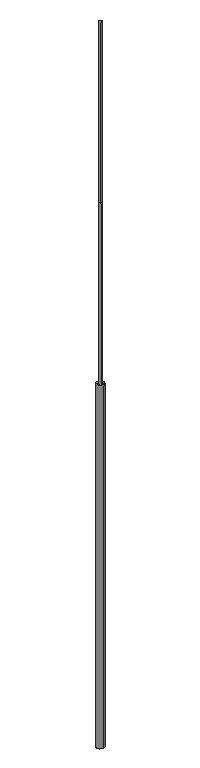
Revit family "isFang-Fangmast", category Generic Models, Revit 2015
Parameters (values of type "101 3B-4000")
  URL = "http://www.obo-bettermann.com"
  Material = Aluminum
  Manufacturer Art.No. = "5402864"
  Manufacturer = "OBO Bettermann"
  Height 2 = 1000 mm
  Height 1 = 1000 mm
  Height = 2000 mm
  GTIN = "4012195674733"
  Article Type = "101 3B-4000"
Types (10, lengths in mm): name | Manufacturer Art.No. | Height | GTIN | Article Type
  (no name) | "5402864" | 2000 | "4012195674733" | "101 3B-4000"
  101 3B-4000 | "5402864" | 2000 | "4012195674733" | "101 3B-4000"
  101 3B-4500 | "5402866" | 2500 | "4012195674740" | "101 3B-4500"
  101 3B-5000 | "5402868" | 3000 | "4012195674757" | "101 3B-5000"
  101 3B-5500 | "5402870" | 3500 | "4012195674764" | "101 3B-5500"
  101 3B-6000 | "5402872" | 4000 | "4012195674795" | "101 3B-6000"
  101 3B-6500 | "5402874" | 4500 | "4012195674801" | "101 3B-6500"
  101 3B-7000 | "5402876" | 5000 | "4012195674818" | "101 3B-7000"
  101 3B-7500 | "5402878" | 5500 | "4012195674825" | "101 3B-7500"
  101 3B-8000 | "5402880" | 6000 | "4012195674856" | "101 3B-8000"
Reference planes
  plane 1 "Center (Front/Back)": y = 0
  plane 2: z = 0
  plane 3 "Center (Left/Right)": x = 0
  plane 4: z = 2000
  plane 5: z = 3000
  plane 6: z = 4000
Forms (mm)
  Extrusion 1, solid, material "Aluminum" <- "Material"
    sketch origin (0, 0, 0) x (1, 0, 0) y (0, 1, 0)
      loop
        circle (0, 0) r 20
    from 0 to 2000
  Extrusion 2, solid, material "Aluminum" <- "Material"
    sketch origin (0, 0, 0) x (1, 0, 0) y (0, 1, 0)
      loop
        circle (0, 0) r 7.993
    from 2000 to 3000
  Extrusion 3, solid, material "Aluminum" <- "Material"
    sketch origin (0, 0, 0) x (1, 0, 0) y (0, 1, 0)
      loop
        circle (0, 0) r 5
    from 3000 to 4000
Dimensions and locks
  locked: plane 3 "Center (Left/Right)" to Extrusion 1 sketch curve
  locked: plane 1 "Center (Front/Back)" to Extrusion 1 sketch curve
  "Height": plane 4 to level
  locked: plane 1 "Center (Front/Back)" to Extrusion 2 sketch curve
  locked: plane 3 "Center (Left/Right)" to Extrusion 2 sketch curve
  "Height 1": plane 5 to plane 4
  locked: plane 3 "Center (Left/Right)" to Extrusion 3 sketch curve
  locked: plane 1 "Center (Front/Back)" to Extrusion 3 sketch curve
  "Height 2": plane 6 to plane 5
  radius of Extrusion 1 sketch curve = 20 mm
  radius of Extrusion 2 sketch curve = 7.993 mm
  radius of Extrusion 3 sketch curve = 5 mm
  aligned and locked: level to plane 2
  aligned and locked: Extrusion 1 to level
  aligned and locked: plane 4 to Extrusion 1
  aligned and locked: plane 5 to Extrusion 2
  aligned and locked: Extrusion 2 to plane 4
  aligned and locked: plane 6 to Extrusion 3
  aligned and locked: Extrusion 3 to Extrusion 2
